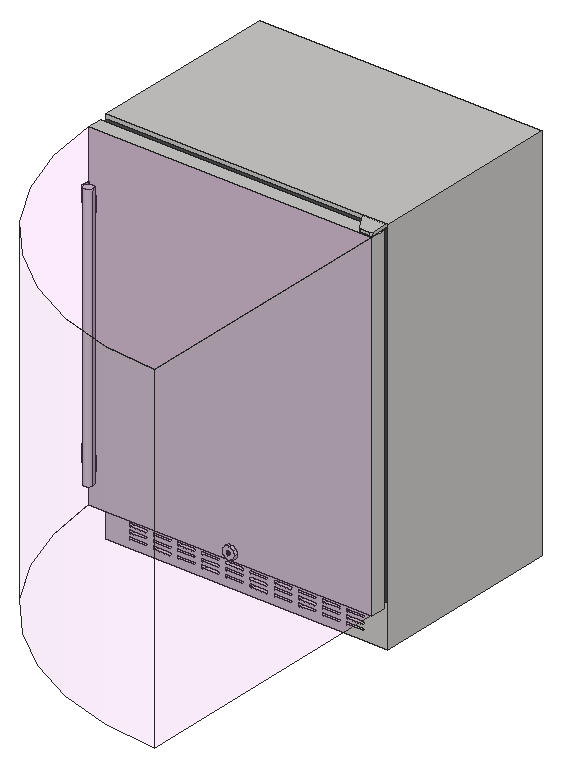
Revit family "Qf_Summit_SPR618OSADA_24 inches Wide Outdoor All-Refrigerator_ADA Compliant", category Specialty Equipment, Revit 2020
Family settings
  Round Connector Dimension = Use Diameter
  Part Type = Normal
  Work Plane-Based = No
  Always vertical = Yes
  Cut with Voids When Loaded = No
  Shared = No
  Room Calculation Point = No
Parameters
  Weight in Pounds = 79
  Watts = 0 W
  Volts = 115 V
  URL Cutsheet = ""
  Specification by User = ""
  Specification by Manufacturer = ""
  Show Clearance [instance] = yes
  Serial Number = ""
  Seismic Rating = ""
  SMACNA No = ""
  Revision Code = ""
  Refrigerant Volume = 0.00 kip
  Refrigerant Type = "R600a"
  Phase = 1
  Number of Poles = 1
  NAFEM Spec ID Number = ""
  Model = "SPR618OSADA"
  Min Ckt Ampacity = 0 A
  Max Overcurrent Protection = 0 A
  Masterspec = ""
  Manufacturer = "Summit"
  Length = 23 3/8"
  Item Number = ""
  Installed By = ""
  Identify Quantity as Lot = yes
  Height = 32"
  HP = ""
  Furnished By = ""
  Foodservice Equipment Identifier = yes
  FL Amps = 1 A
  Electrical Remarks = ""
  Electric Connection Type = ""
  Elec Conn RI Height = 0"
  Elec Conn Connection Height = 0"
  Description = "24\" Wide Outdoor All-Refrigerator, ADA Compliant"
  Depth = 17 5/8"
  Default Elevation = 0"
  Cycle = 60 Hz
  Conn Plug = ""
  Conn Conduit = yes
  CSI MasterFormat = ""
  Apparent Power = if(Phase = 3, Volts * FL Amps * 1.73, Volts * FL Amps)  # 115 VA
Reference planes (in)
  plane 1: z = 0
  plane 2 "LEFT": x = 0
  plane 3 "RIGHT": x = 23.375
  plane 4 "FRONT": y = -18.375
  plane 5 "TOP": z = 32
  plane 6 "Center Y": x = 11.6875
  plane 7 "Center X": y = -9.5625
  plane 8 "BACK": y = -0.75
  plane 9: y = -20.375
  plane 10: y = -17.125
  plane 11: y = -16.625
  plane 12: y = -40.75
  plane 13: z = 0.5
  plane 14: z = 3.75
  plane 15: z = 31.8125
Forms (in)
  Extrusion 1, solid, material "QF_Metal_Stainless_Polished"
    sketch origin (0, 0, 0) x (1, 0, 0) y (0, 1, 0)
      loop
        line (0, -0.75) -> (0, -16.625) -> (23.375, -16.625) -> (23.375, -0.75) -> (0, -0.75)
    from 0.5 to 32
  Extrusion 2, solid, material "QF_Plastic - Black - Matte"
    sketch origin (0, 0, 0) x (1, 0, 0) y (0, 1, 0)
      loop
        line (0.125, -16.625) -> (0.125, -17.125) -> (23.25, -17.125) -> (23.25, -16.625) -> (0.125, -16.625)
    from 3.98918 to 31.69812
  Extrusion 3, solid, material "QF_Metal_Stainless_Polished"
    sketch origin (0, 0, 0) x (1, 0, 0) y (0, 1, 0)
      loop
        line (0, -17.125) -> (0, -18.375) -> (23.375, -18.375) -> (23.375, -17.125) -> (0, -17.125)
    from 3.75 to 31.8125
  Extrusion 4, solid, material "QF_Metal_Stainless_Polished"
    sketch origin (0, 0, 0) x (1, 0, 0) y (0, 1, 0)
      loop
        line (1.5, -19.72049) -> (1.5, -19.56699)
        arc (1.5, -19.56699) -> (1.37941, -19.51704) -> (1.25, -19.5) r 0.5
        arc (1.25, -19.5) -> (1.12181, -19.51671) -> (1.00219, -19.56573) r 0.5
        arc (1.00219, -19.56573) -> (0.94801, -19.57877) -> (0.89527, -19.56079) r 0.1
        line (0.89527, -19.56079) -> (0.04264, -18.96378)
        arc (0.04264, -18.96378) -> (0.0113, -18.92804) -> (0, -18.88186) r 0.1
        line (0, -18.88186) -> (0, -17.88186) -> (-0.125, -17.88186) -> (-0.125, -18.94693)
        arc (-0.125, -18.94693) -> (-0.1137, -18.99311) -> (-0.08236, -19.02885) r 0.1
        line (-0.08236, -19.02885) -> (0.96185, -19.76001)
        arc (0.96185, -19.76001) -> (1.22254, -19.62601) -> (1.5, -19.72049) r 0.375
    from 7.25 to 8.5
  Extrusion 5, solid, material "QF_Metal_Stainless_Polished"
    sketch origin (0, 0, 0) x (1, 0, 0) y (0, 1, 0)
      loop
        circle (1.25, -20) r 0.375
    from 6.5 to 28.5
  Extrusion 6, solid, material "QF_Clearances_Door_Drawer"
    sketch origin (0, 0, 0) x (1, 0, 0) y (0, 1, 0)
      loop
        arc (0, -18.375) -> (7.19012, -34.26087) -> (23.375, -40.74999) r 23.375
        line (23.375, -40.74999) -> (23.375, -18.375) -> (0, -18.375)
    from 3.75 to 31.8125
  Extrusion 7, solid, material "QF_Metal_Stainless_Polished"
    sketch origin (0, 0, 0) x (1, 0, 0) y (0, 1, 0)
      loop
        arc (23.125, -18.1875) -> (23.21339, -18.15089) -> (23.25, -18.0625) r 0.125
        line (23.25, -18.0625) -> (23.25, -16.625) -> (21.25, -16.625) -> (22.21339, -18.12801)
        arc (22.21339, -18.12801) -> (22.25887, -18.17162) -> (22.31985, -18.1875) r 0.125
        line (22.31985, -18.1875) -> (23.125, -18.1875)
    from 31.8125 to 32
  Extrusion 8, solid, material "QF_Metal_Stainless_Polished"
    sketch origin (0, 0, 18.403) x (1, 0, 0) y (0, 1, 0)
      loop
        line (1.5, -19.72049) -> (1.5, -19.56699)
        arc (1.5, -19.56699) -> (1.37941, -19.51704) -> (1.25, -19.5) r 0.5
        arc (1.25, -19.5) -> (1.12181, -19.51671) -> (1.00219, -19.56573) r 0.5
        arc (1.00219, -19.56573) -> (0.94801, -19.57877) -> (0.89527, -19.56079) r 0.1
        line (0.89527, -19.56079) -> (0.04264, -18.96378)
        arc (0.04264, -18.96378) -> (0.0113, -18.92804) -> (0, -18.88186) r 0.1
        line (0, -18.88186) -> (0, -17.88186) -> (-0.125, -17.88186) -> (-0.125, -18.94693)
        arc (-0.125, -18.94693) -> (-0.1137, -18.99311) -> (-0.08236, -19.02885) r 0.1
        line (-0.08236, -19.02885) -> (0.96185, -19.76001)
        arc (0.96185, -19.76001) -> (1.22254, -19.62601) -> (1.5, -19.72049) r 0.375
    from 8.097 to 9.347
  Revolve 9, solid
    sketch origin (0, -15.375, 0) x (1, 0, 0) y (0, 0, 1)
      loop
        line (1.625, 0.375) -> (1.625, 0.5) -> (1.4375, 0.5) -> (1.4375, 0) -> (1.9375, 0) -> (2.02083, 0.3125) -> (2.02083, 0.375) -> (1.625, 0.375)
      axis (1.4375, 0) -> (1.4375, 0.5)
    angle from 0 to 360
  Revolve 10, solid
    sketch origin (23.375, -15.375, 0) x (-1, 0, 0) y (0, 0, 1)
      loop
        line (1.625, 0.375) -> (1.625, 0.5) -> (1.4375, 0.5) -> (1.4375, 0) -> (1.9375, 0) -> (2.02083, 0.3125) -> (2.02083, 0.375) -> (1.625, 0.375)
      axis (1.4375, 0) -> (1.4375, 0.5)
    angle from 0 to 360
  Revolve 11, solid
    sketch origin (0, -2.125, 0) x (1, 0, 0) y (0, 0, -1)
      loop
        line (1.625, -0.375) -> (2.02083, -0.375) -> (2.02083, -0.3125) -> (1.9375, 0) -> (1.4375, 0) -> (1.4375, -0.5) -> (1.625, -0.5) -> (1.625, -0.375)
      axis (1.4375, 0) -> (1.4375, -0.5)
    angle from 0 to 360
  Revolve 12, solid
    sketch origin (23.375, -2.125, 0) x (-1, 0, 0) y (0, 0, 1)
      loop
        line (1.625, 0.375) -> (1.625, 0.5) -> (1.4375, 0.5) -> (1.4375, 0) -> (1.9375, 0) -> (2.02083, 0.3125) -> (2.02083, 0.375) -> (1.625, 0.375)
      axis (1.4375, 0) -> (1.4375, 0.5)
    angle from 0 to 360
  Extrusion 13, void
    sketch origin (23.375, -16.625, 0) x (1, 0, 0) y (0, 0, -1)
      loop
        line (-21.3125, -3.375) -> (-20.0625, -3.375)
        arc (-20.0625, -3.375) -> (-19.9375, -3.25) -> (-20.0625, -3.125) r 0.125
        line (-20.0625, -3.125) -> (-21.3125, -3.125)
        arc (-21.3125, -3.125) -> (-21.4375, -3.25) -> (-21.3125, -3.375) r 0.125
      loop
        line (-21.3125, -2.875) -> (-20.0625, -2.875)
        arc (-20.0625, -2.875) -> (-19.9375, -2.75) -> (-20.0625, -2.625) r 0.125
        line (-20.0625, -2.625) -> (-21.3125, -2.625)
        arc (-21.3125, -2.625) -> (-21.4375, -2.75) -> (-21.3125, -2.875) r 0.125
      loop
        line (-21.3125, -2.375) -> (-20.0625, -2.375)
        arc (-20.0625, -2.375) -> (-19.9375, -2.25) -> (-20.0625, -2.125) r 0.125
        line (-20.0625, -2.125) -> (-21.3125, -2.125)
        arc (-21.3125, -2.125) -> (-21.4375, -2.25) -> (-21.3125, -2.375) r 0.125
      loop
        line (-21.3125, -1.875) -> (-20.0625, -1.875)
        arc (-20.0625, -1.875) -> (-19.9375, -1.75) -> (-20.0625, -1.625) r 0.125
        line (-20.0625, -1.625) -> (-21.3125, -1.625)
        arc (-21.3125, -1.625) -> (-21.4375, -1.75) -> (-21.3125, -1.875) r 0.125
      loop
        line (-21.3125, -1.375) -> (-20.0625, -1.375)
        arc (-20.0625, -1.375) -> (-19.9375, -1.25) -> (-20.0625, -1.125) r 0.125
        line (-20.0625, -1.125) -> (-21.3125, -1.125)
        arc (-21.3125, -1.125) -> (-21.4375, -1.25) -> (-21.3125, -1.375) r 0.125
      loop
        line (-19.3125, -3.375) -> (-18.0625, -3.375)
        arc (-18.0625, -3.375) -> (-17.9375, -3.25) -> (-18.0625, -3.125) r 0.125
        line (-18.0625, -3.125) -> (-19.3125, -3.125)
        arc (-19.3125, -3.125) -> (-19.4375, -3.25) -> (-19.3125, -3.375) r 0.125
      loop
        line (-19.3125, -2.875) -> (-18.0625, -2.875)
        arc (-18.0625, -2.875) -> (-17.9375, -2.75) -> (-18.0625, -2.625) r 0.125
        line (-18.0625, -2.625) -> (-19.3125, -2.625)
        arc (-19.3125, -2.625) -> (-19.4375, -2.75) -> (-19.3125, -2.875) r 0.125
      loop
        line (-19.3125, -2.375) -> (-18.0625, -2.375)
        arc (-18.0625, -2.375) -> (-17.9375, -2.25) -> (-18.0625, -2.125) r 0.125
        line (-18.0625, -2.125) -> (-19.3125, -2.125)
        arc (-19.3125, -2.125) -> (-19.4375, -2.25) -> (-19.3125, -2.375) r 0.125
      loop
        line (-19.3125, -1.875) -> (-18.0625, -1.875)
        arc (-18.0625, -1.875) -> (-17.9375, -1.75) -> (-18.0625, -1.625) r 0.125
        line (-18.0625, -1.625) -> (-19.3125, -1.625)
        arc (-19.3125, -1.625) -> (-19.4375, -1.75) -> (-19.3125, -1.875) r 0.125
      loop
        line (-19.3125, -1.375) -> (-18.0625, -1.375)
        arc (-18.0625, -1.375) -> (-17.9375, -1.25) -> (-18.0625, -1.125) r 0.125
        line (-18.0625, -1.125) -> (-19.3125, -1.125)
        arc (-19.3125, -1.125) -> (-19.4375, -1.25) -> (-19.3125, -1.375) r 0.125
      loop
        line (-17.3125, -3.375) -> (-16.0625, -3.375)
        arc (-16.0625, -3.375) -> (-15.9375, -3.25) -> (-16.0625, -3.125) r 0.125
        line (-16.0625, -3.125) -> (-17.3125, -3.125)
        arc (-17.3125, -3.125) -> (-17.4375, -3.25) -> (-17.3125, -3.375) r 0.125
      loop
        line (-17.3125, -2.875) -> (-16.0625, -2.875)
        arc (-16.0625, -2.875) -> (-15.9375, -2.75) -> (-16.0625, -2.625) r 0.125
        line (-16.0625, -2.625) -> (-17.3125, -2.625)
        arc (-17.3125, -2.625) -> (-17.4375, -2.75) -> (-17.3125, -2.875) r 0.125
      loop
        line (-17.3125, -2.375) -> (-16.0625, -2.375)
        arc (-16.0625, -2.375) -> (-15.9375, -2.25) -> (-16.0625, -2.125) r 0.125
        line (-16.0625, -2.125) -> (-17.3125, -2.125)
        arc (-17.3125, -2.125) -> (-17.4375, -2.25) -> (-17.3125, -2.375) r 0.125
      loop
        line (-17.3125, -1.875) -> (-16.0625, -1.875)
        arc (-16.0625, -1.875) -> (-15.9375, -1.75) -> (-16.0625, -1.625) r 0.125
        line (-16.0625, -1.625) -> (-17.3125, -1.625)
        arc (-17.3125, -1.625) -> (-17.4375, -1.75) -> (-17.3125, -1.875) r 0.125
      loop
        line (-17.3125, -1.375) -> (-16.0625, -1.375)
        arc (-16.0625, -1.375) -> (-15.9375, -1.25) -> (-16.0625, -1.125) r 0.125
        line (-16.0625, -1.125) -> (-17.3125, -1.125)
        arc (-17.3125, -1.125) -> (-17.4375, -1.25) -> (-17.3125, -1.375) r 0.125
      loop
        line (-15.3125, -3.375) -> (-14.0625, -3.375)
        arc (-14.0625, -3.375) -> (-13.9375, -3.25) -> (-14.0625, -3.125) r 0.125
        line (-14.0625, -3.125) -> (-15.3125, -3.125)
        arc (-15.3125, -3.125) -> (-15.4375, -3.25) -> (-15.3125, -3.375) r 0.125
      loop
        line (-15.3125, -2.875) -> (-14.0625, -2.875)
        arc (-14.0625, -2.875) -> (-13.9375, -2.75) -> (-14.0625, -2.625) r 0.125
        line (-14.0625, -2.625) -> (-15.3125, -2.625)
        arc (-15.3125, -2.625) -> (-15.4375, -2.75) -> (-15.3125, -2.875) r 0.125
      loop
        line (-15.3125, -2.375) -> (-14.0625, -2.375)
        arc (-14.0625, -2.375) -> (-13.9375, -2.25) -> (-14.0625, -2.125) r 0.125
        line (-14.0625, -2.125) -> (-15.3125, -2.125)
        arc (-15.3125, -2.125) -> (-15.4375, -2.25) -> (-15.3125, -2.375) r 0.125
      loop
        line (-15.3125, -1.875) -> (-14.0625, -1.875)
        arc (-14.0625, -1.875) -> (-13.9375, -1.75) -> (-14.0625, -1.625) r 0.125
        line (-14.0625, -1.625) -> (-15.3125, -1.625)
        arc (-15.3125, -1.625) -> (-15.4375, -1.75) -> (-15.3125, -1.875) r 0.125
      loop
        line (-15.3125, -1.375) -> (-14.0625, -1.375)
        arc (-14.0625, -1.375) -> (-13.9375, -1.25) -> (-14.0625, -1.125) r 0.125
        line (-14.0625, -1.125) -> (-15.3125, -1.125)
        arc (-15.3125, -1.125) -> (-15.4375, -1.25) -> (-15.3125, -1.375) r 0.125
      loop
        line (-13.3125, -3.375) -> (-12.0625, -3.375)
        arc (-12.0625, -3.375) -> (-11.9375, -3.25) -> (-12.0625, -3.125) r 0.125
        line (-12.0625, -3.125) -> (-13.3125, -3.125)
        arc (-13.3125, -3.125) -> (-13.4375, -3.25) -> (-13.3125, -3.375) r 0.125
      loop
        line (-13.3125, -2.875) -> (-12.0625, -2.875)
        arc (-12.0625, -2.875) -> (-11.9375, -2.75) -> (-12.0625, -2.625) r 0.125
        line (-12.0625, -2.625) -> (-13.3125, -2.625)
        arc (-13.3125, -2.625) -> (-13.4375, -2.75) -> (-13.3125, -2.875) r 0.125
      loop
        line (-13.3125, -2.375) -> (-12.0625, -2.375)
        arc (-12.0625, -2.375) -> (-11.9375, -2.25) -> (-12.0625, -2.125) r 0.125
        line (-12.0625, -2.125) -> (-13.3125, -2.125)
        arc (-13.3125, -2.125) -> (-13.4375, -2.25) -> (-13.3125, -2.375) r 0.125
      loop
        line (-13.3125, -1.875) -> (-12.0625, -1.875)
        arc (-12.0625, -1.875) -> (-11.9375, -1.75) -> (-12.0625, -1.625) r 0.125
        line (-12.0625, -1.625) -> (-13.3125, -1.625)
        arc (-13.3125, -1.625) -> (-13.4375, -1.75) -> (-13.3125, -1.875) r 0.125
      loop
        line (-13.3125, -1.375) -> (-12.0625, -1.375)
        arc (-12.0625, -1.375) -> (-11.9375, -1.25) -> (-12.0625, -1.125) r 0.125
        line (-12.0625, -1.125) -> (-13.3125, -1.125)
        arc (-13.3125, -1.125) -> (-13.4375, -1.25) -> (-13.3125, -1.375) r 0.125
      loop
        line (-11.3125, -3.375) -> (-10.0625, -3.375)
        arc (-10.0625, -3.375) -> (-9.9375, -3.25) -> (-10.0625, -3.125) r 0.125
        line (-10.0625, -3.125) -> (-11.3125, -3.125)
        arc (-11.3125, -3.125) -> (-11.4375, -3.25) -> (-11.3125, -3.375) r 0.125
      loop
        line (-11.3125, -2.875) -> (-10.0625, -2.875)
        arc (-10.0625, -2.875) -> (-9.9375, -2.75) -> (-10.0625, -2.625) r 0.125
        line (-10.0625, -2.625) -> (-11.3125, -2.625)
        arc (-11.3125, -2.625) -> (-11.4375, -2.75) -> (-11.3125, -2.875) r 0.125
      loop
        line (-11.3125, -2.375) -> (-10.0625, -2.375)
        arc (-10.0625, -2.375) -> (-9.9375, -2.25) -> (-10.0625, -2.125) r 0.125
        line (-10.0625, -2.125) -> (-11.3125, -2.125)
        arc (-11.3125, -2.125) -> (-11.4375, -2.25) -> (-11.3125, -2.375) r 0.125
      loop
        line (-11.3125, -1.875) -> (-10.0625, -1.875)
        arc (-10.0625, -1.875) -> (-9.9375, -1.75) -> (-10.0625, -1.625) r 0.125
        line (-10.0625, -1.625) -> (-11.3125, -1.625)
        arc (-11.3125, -1.625) -> (-11.4375, -1.75) -> (-11.3125, -1.875) r 0.125
      loop
        line (-11.3125, -1.375) -> (-10.0625, -1.375)
        arc (-10.0625, -1.375) -> (-9.9375, -1.25) -> (-10.0625, -1.125) r 0.125
        line (-10.0625, -1.125) -> (-11.3125, -1.125)
        arc (-11.3125, -1.125) -> (-11.4375, -1.25) -> (-11.3125, -1.375) r 0.125
      loop
        line (-9.3125, -3.375) -> (-8.0625, -3.375)
        arc (-8.0625, -3.375) -> (-7.9375, -3.25) -> (-8.0625, -3.125) r 0.125
        line (-8.0625, -3.125) -> (-9.3125, -3.125)
        arc (-9.3125, -3.125) -> (-9.4375, -3.25) -> (-9.3125, -3.375) r 0.125
      loop
        line (-9.3125, -2.875) -> (-8.0625, -2.875)
        arc (-8.0625, -2.875) -> (-7.9375, -2.75) -> (-8.0625, -2.625) r 0.125
        line (-8.0625, -2.625) -> (-9.3125, -2.625)
        arc (-9.3125, -2.625) -> (-9.4375, -2.75) -> (-9.3125, -2.875) r 0.125
      loop
        line (-9.3125, -2.375) -> (-8.0625, -2.375)
        arc (-8.0625, -2.375) -> (-7.9375, -2.25) -> (-8.0625, -2.125) r 0.125
        line (-8.0625, -2.125) -> (-9.3125, -2.125)
        arc (-9.3125, -2.125) -> (-9.4375, -2.25) -> (-9.3125, -2.375) r 0.125
      loop
        line (-9.3125, -1.875) -> (-8.0625, -1.875)
        arc (-8.0625, -1.875) -> (-7.9375, -1.75) -> (-8.0625, -1.625) r 0.125
        line (-8.0625, -1.625) -> (-9.3125, -1.625)
        arc (-9.3125, -1.625) -> (-9.4375, -1.75) -> (-9.3125, -1.875) r 0.125
      loop
        line (-9.3125, -1.375) -> (-8.0625, -1.375)
        arc (-8.0625, -1.375) -> (-7.9375, -1.25) -> (-8.0625, -1.125) r 0.125
        line (-8.0625, -1.125) -> (-9.3125, -1.125)
        arc (-9.3125, -1.125) -> (-9.4375, -1.25) -> (-9.3125, -1.375) r 0.125
      loop
        line (-7.3125, -3.375) -> (-6.0625, -3.375)
        arc (-6.0625, -3.375) -> (-5.9375, -3.25) -> (-6.0625, -3.125) r 0.125
        line (-6.0625, -3.125) -> (-7.3125, -3.125)
        arc (-7.3125, -3.125) -> (-7.4375, -3.25) -> (-7.3125, -3.375) r 0.125
      loop
        line (-7.3125, -2.875) -> (-6.0625, -2.875)
        arc (-6.0625, -2.875) -> (-5.9375, -2.75) -> (-6.0625, -2.625) r 0.125
        line (-6.0625, -2.625) -> (-7.3125, -2.625)
        arc (-7.3125, -2.625) -> (-7.4375, -2.75) -> (-7.3125, -2.875) r 0.125
      loop
        line (-7.3125, -2.375) -> (-6.0625, -2.375)
        arc (-6.0625, -2.375) -> (-5.9375, -2.25) -> (-6.0625, -2.125) r 0.125
        line (-6.0625, -2.125) -> (-7.3125, -2.125)
        arc (-7.3125, -2.125) -> (-7.4375, -2.25) -> (-7.3125, -2.375) r 0.125
      loop
        line (-7.3125, -1.875) -> (-6.0625, -1.875)
        arc (-6.0625, -1.875) -> (-5.9375, -1.75) -> (-6.0625, -1.625) r 0.125
        line (-6.0625, -1.625) -> (-7.3125, -1.625)
        arc (-7.3125, -1.625) -> (-7.4375, -1.75) -> (-7.3125, -1.875) r 0.125
      loop
        line (-7.3125, -1.375) -> (-6.0625, -1.375)
        arc (-6.0625, -1.375) -> (-5.9375, -1.25) -> (-6.0625, -1.125) r 0.125
        line (-6.0625, -1.125) -> (-7.3125, -1.125)
        arc (-7.3125, -1.125) -> (-7.4375, -1.25) -> (-7.3125, -1.375) r 0.125
      loop
        line (-5.3125, -3.375) -> (-4.0625, -3.375)
        arc (-4.0625, -3.375) -> (-3.9375, -3.25) -> (-4.0625, -3.125) r 0.125
        line (-4.0625, -3.125) -> (-5.3125, -3.125)
        arc (-5.3125, -3.125) -> (-5.4375, -3.25) -> (-5.3125, -3.375) r 0.125
      loop
        line (-5.3125, -2.875) -> (-4.0625, -2.875)
        arc (-4.0625, -2.875) -> (-3.9375, -2.75) -> (-4.0625, -2.625) r 0.125
        line (-4.0625, -2.625) -> (-5.3125, -2.625)
        arc (-5.3125, -2.625) -> (-5.4375, -2.75) -> (-5.3125, -2.875) r 0.125
      loop
        line (-5.3125, -2.375) -> (-4.0625, -2.375)
        arc (-4.0625, -2.375) -> (-3.9375, -2.25) -> (-4.0625, -2.125) r 0.125
        line (-4.0625, -2.125) -> (-5.3125, -2.125)
        arc (-5.3125, -2.125) -> (-5.4375, -2.25) -> (-5.3125, -2.375) r 0.125
      loop
        line (-5.3125, -1.875) -> (-4.0625, -1.875)
        arc (-4.0625, -1.875) -> (-3.9375, -1.75) -> (-4.0625, -1.625) r 0.125
        line (-4.0625, -1.625) -> (-5.3125, -1.625)
        arc (-5.3125, -1.625) -> (-5.4375, -1.75) -> (-5.3125, -1.875) r 0.125
      loop
        line (-5.3125, -1.375) -> (-4.0625, -1.375)
        arc (-4.0625, -1.375) -> (-3.9375, -1.25) -> (-4.0625, -1.125) r 0.125
        line (-4.0625, -1.125) -> (-5.3125, -1.125)
        arc (-5.3125, -1.125) -> (-5.4375, -1.25) -> (-5.3125, -1.375) r 0.125
      loop
        line (-3.3125, -3.375) -> (-2.0625, -3.375)
        arc (-2.0625, -3.375) -> (-1.9375, -3.25) -> (-2.0625, -3.125) r 0.125
        line (-2.0625, -3.125) -> (-3.3125, -3.125)
        arc (-3.3125, -3.125) -> (-3.4375, -3.25) -> (-3.3125, -3.375) r 0.125
      loop
        line (-3.3125, -2.875) -> (-2.0625, -2.875)
        arc (-2.0625, -2.875) -> (-1.9375, -2.75) -> (-2.0625, -2.625) r 0.125
        line (-2.0625, -2.625) -> (-3.3125, -2.625)
        arc (-3.3125, -2.625) -> (-3.4375, -2.75) -> (-3.3125, -2.875) r 0.125
      loop
        line (-3.3125, -2.375) -> (-2.0625, -2.375)
        arc (-2.0625, -2.375) -> (-1.9375, -2.25) -> (-2.0625, -2.125) r 0.125
        line (-2.0625, -2.125) -> (-3.3125, -2.125)
        arc (-3.3125, -2.125) -> (-3.4375, -2.25) -> (-3.3125, -2.375) r 0.125
      loop
        line (-3.3125, -1.875) -> (-2.0625, -1.875)
        arc (-2.0625, -1.875) -> (-1.9375, -1.75) -> (-2.0625, -1.625) r 0.125
        line (-2.0625, -1.625) -> (-3.3125, -1.625)
        arc (-3.3125, -1.625) -> (-3.4375, -1.75) -> (-3.3125, -1.875) r 0.125
      loop
        line (-3.3125, -1.375) -> (-2.0625, -1.375)
        arc (-2.0625, -1.375) -> (-1.9375, -1.25) -> (-2.0625, -1.125) r 0.125
        line (-2.0625, -1.125) -> (-3.3125, -1.125)
        arc (-3.3125, -1.125) -> (-3.4375, -1.25) -> (-3.3125, -1.375) r 0.125
    from 0 to 0.50266
  Blend 14, solid, material "QF_Metal_Stainless_Polished"
    base sketch origin (0, -18.375, 0) x (1, 0, 0) y (0, 0, -1)
      loop
        circle (11.6875, -4.38646) r 0.5625
    top sketch origin (0, -18.375, 0) x (1, 0, 0) y (0, 0, -1)
      loop
        circle (11.6875, -4.38646) r 0.5
    from 0 to -0.17489
  Extrusion 15, void
    sketch origin (0, -18.54989, 0) x (-1, 0, 0) y (0, 0, -1)
      loop
        circle (-11.6875, -4.38646) r 0.1875
      loop
        circle (-11.6875, -4.38646) r 0.0625
    from 0 to -0.17489
  Extrusion 16, solid, material "QF_Metal_Stainless_Polished"
    sketch origin (0, -0.75, 0) x (1, 0, 0) y (0, 0, 1)
      loop
        circle (20.5, 2.30244) r 0.25
    from 0 to -0.0625
Cuts and joins
  Extrusion 13, Extrusion 15 cuts Extrusion 1
  Extrusion 13, Extrusion 15 cuts Extrusion 4
  Extrusion 13, Extrusion 15 cuts Extrusion 5
  joined: Extrusion 1, Extrusion 4, Extrusion 5, Extrusion 16
  Extrusion 15 cuts Extrusion 2
  Extrusion 15 cuts Extrusion 3
  Extrusion 15 cuts Extrusion 6
  Extrusion 15 cuts Blend 14
Lines and regions (in)
  symbolic lines, style "QF_Clearances_Door_Drawer"
    curve 1: arc (0, -18.375, 0) -> (1.03615, -24.32641, 0) -> (3.56286, -29.81354, 0) r 23.375
    curve 2: line (3.56286, -29.81354, 0) -> (23.375, -18.375, 0)
  symbolic lines
    curve 3: line (0, -0.75, 0) -> (0, -16.625, 0)
    curve 4: line (0, -16.625, 0) -> (23.375, -16.625, 0)
    curve 5: line (23.375, -16.625, 0) -> (23.375, -0.75, 0)
    curve 6: line (23.375, -0.75, 0) -> (0, -0.75, 0)
    curve 7: line (23.375, -17.125, 0) -> (23.25, -17.125, 0)
    curve 8: line (0, -17.125, 0) -> (0, -18.375, 0)
    curve 9: line (0, -18.375, 0) -> (23.375, -18.375, 0)
    curve 10: line (23.375, -18.375, 0) -> (23.375, -17.125, 0)
    curve 11: line (21.25, -16.625, 0) -> (22.21339, -18.12801, 0)
    curve 12: arc (22.21339, -18.12801, 0) -> (22.25887, -18.17162, 0) -> (22.31985, -18.1875, 0) r 0.125
    curve 13: line (22.31985, -18.1875, 0) -> (23.125, -18.1875, 0)
    curve 14: arc (23.125, -18.1875, 0) -> (23.21339, -18.15089, 0) -> (23.25, -18.0625, 0) r 0.125
    curve 15: line (23.25, -18.0625, 0) -> (23.25, -16.625, 0)
    curve 16: line (23.25, -16.625, 0) -> (21.25, -16.625, 0)
    curve 17: line (0.125, -16.625, 0) -> (0.125, -17.125, 0)
    curve 18: line (21.57049, -17.125, 0) -> (0, -17.125, 0)
Dimensions and locks (in)
  equal spacing: plane 2 "LEFT", plane 6 "Center Y", plane 3 "RIGHT"
  "Length": plane 2 "LEFT" to plane 3 "RIGHT"
  equal spacing: plane 4 "FRONT", plane 7 "Center X", plane 8 "BACK"
  "Height": plane 5 "TOP" to level
  plane 3 "RIGHT" to plane 2 "LEFT" = 23 3/8"
  plane 5 "TOP" to level = 32"
  "Depth": plane 4 "FRONT" to plane 8 "BACK"
  plane 11 to plane 8 "BACK" = 15 7/8"
  plane 4 "FRONT" to plane 10 = 1 1/4"
  plane 9 to plane 4 "FRONT" = 2"
  plane 8 "BACK" to plane 12 = 40"
  aligned and locked: level to plane 1
  aligned and locked: plane 5 "TOP" to Extrusion 7
  aligned and locked: plane 15 to Extrusion 7
  aligned and locked: Extrusion 3 to plane 15
  aligned and locked: plane 14 to Extrusion 3
  aligned and locked: plane 14 to Extrusion 6
  aligned and locked: Extrusion 6 to plane 15
  aligned and locked: plane 5 "TOP" to Extrusion 1
  aligned and locked: plane 13 to Extrusion 1
  aligned and locked: Extrusion 15 to plane 4 "FRONT"
Automatic sketch dimensions
  Extrusion 1 sketch curve to plane 2 "LEFT" = 0"
  Extrusion 1 sketch curve to plane 3 "RIGHT" = 0"
  plane 11 to Extrusion 1 sketch curve = 0"
  plane 8 "BACK" to Extrusion 1 sketch curve = 0"
  plane 10 to Extrusion 2 sketch curve = 0"
  plane 11 to Extrusion 2 sketch curve = 0"
  plane 2 "LEFT" to Extrusion 2 sketch curve = 1/8"
  plane 3 "RIGHT" to Extrusion 2 sketch curve = 1/8"
  Extrusion 3 sketch curve to plane 2 "LEFT" = 0"
  Extrusion 3 sketch curve to plane 3 "RIGHT" = 0"
  plane 4 "FRONT" to Extrusion 3 sketch curve = 0"
  plane 10 to Extrusion 3 sketch curve = 0"
  Extrusion 4 sketch curve to Extrusion 4 sketch curve = 0"  (x6)
  Extrusion 4 sketch curve to plane 2 "LEFT" = 0"
  Extrusion 4 sketch curve to plane 2 "LEFT" = 0.025"
  Extrusion 4 sketch curve to plane 2 "LEFT" = 0.08236"
  Extrusion 4 sketch curve to plane 2 "LEFT" = 1/8"
  plane 2 "LEFT" to Extrusion 4 sketch curve = 0.04264"
  Extrusion 4 sketch curve to Extrusion 4 sketch curve = 0.05736"  (x2)
  plane 2 "LEFT" to Extrusion 4 sketch curve = 0.89527"
  Extrusion 4 sketch curve to Extrusion 4 sketch curve = 0.06658"
  Extrusion 4 sketch curve to Extrusion 4 sketch curve = 0.28815"
  Extrusion 4 sketch curve to Extrusion 4 sketch curve = 1/4"
  Extrusion 4 sketch curve to plane 9 = 3/8"
  Extrusion 4 sketch curve to Extrusion 4 sketch curve = 0.23999"
  Extrusion 4 sketch curve to Extrusion 4 sketch curve = 0.1535"
  Extrusion 4 sketch curve to Extrusion 4 sketch curve = 51/256"
  Extrusion 4 sketch curve to Extrusion 4 sketch curve = 0.08192"
  plane 4 "FRONT" to Extrusion 4 sketch curve = 0.65385"
  Extrusion 4 sketch curve to Extrusion 4 sketch curve = 0.01684"
  Extrusion 4 sketch curve to plane 4 "FRONT" = 0.49314"
  Extrusion 6 sketch curve to plane 2 "LEFT" = 0"
  Extrusion 6 sketch curve to plane 3 "RIGHT" = 0"
  plane 4 "FRONT" to Extrusion 6 sketch curve = 0"
  plane 3 "RIGHT" to Extrusion 6 sketch curve = 0.0214"
  plane 12 to Extrusion 6 sketch curve = 0"
  plane 11 to Extrusion 7 sketch curve = 0"
  plane 3 "RIGHT" to Extrusion 7 sketch curve = 2 1/8"
  Extrusion 7 sketch curve to plane 4 "FRONT" = 0.24699"
  plane 3 "RIGHT" to Extrusion 7 sketch curve = 1.16161"
  Extrusion 7 sketch curve to Extrusion 7 sketch curve = 0.10646"
  plane 3 "RIGHT" to Extrusion 7 sketch curve = 1/4"
  plane 3 "RIGHT" to Extrusion 7 sketch curve = 1/8"
  Extrusion 7 sketch curve to Extrusion 7 sketch curve = 0.05949"
  Extrusion 8 sketch curve to Extrusion 8 sketch curve = 0"  (x6)
  Extrusion 8 sketch curve to plane 2 "LEFT" = 0"
  Extrusion 8 sketch curve to plane 2 "LEFT" = 0.025"
  Extrusion 8 sketch curve to plane 2 "LEFT" = 0.08236"
  Extrusion 8 sketch curve to plane 2 "LEFT" = 1/8"
  plane 2 "LEFT" to Extrusion 8 sketch curve = 0.04264"
  Extrusion 8 sketch curve to Extrusion 8 sketch curve = 0.05736"  (x2)
  plane 2 "LEFT" to Extrusion 8 sketch curve = 0.89527"
  Extrusion 8 sketch curve to Extrusion 8 sketch curve = 0.06658"
  Extrusion 8 sketch curve to Extrusion 8 sketch curve = 0.28815"
  Extrusion 8 sketch curve to Extrusion 8 sketch curve = 1/4"
  Extrusion 8 sketch curve to plane 9 = 3/8"
  Extrusion 8 sketch curve to Extrusion 8 sketch curve = 0.23999"
  Extrusion 8 sketch curve to Extrusion 8 sketch curve = 0.1535"
  Extrusion 8 sketch curve to Extrusion 8 sketch curve = 51/256"
  Extrusion 8 sketch curve to Extrusion 8 sketch curve = 0.08192"
  plane 4 "FRONT" to Extrusion 8 sketch curve = 0.65385"
  Extrusion 8 sketch curve to Extrusion 8 sketch curve = 0.01684"
  Extrusion 8 sketch curve to plane 4 "FRONT" = 0.49314"
  Revolve 9 sketch curve to plane 13 = 0"  (x2)
  Revolve 9 sketch curve to level = 0"
  plane 2 "LEFT" to Revolve 9 sketch curve = 1 7/16"
  Revolve 9 sketch curve to Revolve 9 sketch curve = 3/16"
  Revolve 9 sketch curve to Revolve 9 sketch curve = 5/16"
  plane 13 to Revolve 9 sketch curve = 1/8"
  Revolve 9 sketch curve to Revolve 9 sketch curve = 0.08333"
  Revolve 9 sketch curve to Revolve 9 sketch curve = 1/16"
  Revolve 9 sketch curve to Revolve 9 sketch curve = 0"
  Revolve 9 sketch curve to Revolve 9 sketch curve = 1/4"
  Revolve 10 sketch curve to plane 13 = 0"  (x2)
  Revolve 10 sketch curve to level = 0"
  Revolve 10 sketch curve to plane 3 "RIGHT" = 1 7/16"
  Revolve 10 sketch curve to Revolve 10 sketch curve = 3/16"
  Revolve 10 sketch curve to Revolve 10 sketch curve = 5/16"
  Revolve 10 sketch curve to plane 13 = 1/8"
  Revolve 10 sketch curve to Revolve 10 sketch curve = 0.08333"
  Revolve 10 sketch curve to Revolve 10 sketch curve = 1/16"
  Revolve 10 sketch curve to Revolve 10 sketch curve = 0"
  Revolve 10 sketch curve to Revolve 10 sketch curve = 1/4"
  Revolve 11 sketch curve to plane 13 = 0"  (x2)
  Revolve 11 sketch curve to level = 0"
  plane 2 "LEFT" to Revolve 11 sketch curve = 1 7/16"
  Revolve 11 sketch curve to Revolve 11 sketch curve = 3/16"
  Revolve 11 sketch curve to Revolve 11 sketch curve = 5/16"
  plane 13 to Revolve 11 sketch curve = 1/8"
  Revolve 11 sketch curve to Revolve 11 sketch curve = 0.08333"
  Revolve 11 sketch curve to Revolve 11 sketch curve = 1/16"
  Revolve 11 sketch curve to Revolve 11 sketch curve = 0"
  Revolve 11 sketch curve to Revolve 11 sketch curve = 1/4"
  Revolve 12 sketch curve to plane 13 = 0"  (x2)
  Revolve 12 sketch curve to level = 0"
  plane 3 "RIGHT" to Revolve 12 sketch curve = 1 7/16"
  Revolve 12 sketch curve to Revolve 12 sketch curve = 3/16"
  Revolve 12 sketch curve to Revolve 12 sketch curve = 5/16"
  plane 13 to Revolve 12 sketch curve = 1/8"
  Revolve 12 sketch curve to Revolve 12 sketch curve = 0.08333"
  Revolve 12 sketch curve to Revolve 12 sketch curve = 1/16"
  Revolve 12 sketch curve to Revolve 12 sketch curve = 0"
  Revolve 12 sketch curve to Revolve 12 sketch curve = 1/4"
  Extrusion 13 sketch curve to Extrusion 1 = 2 1/16"
  Extrusion 13 sketch curve to Extrusion 1 = 3/4"  (x2)
  Extrusion 13 sketch curve to Extrusion 13 sketch curve = 0"  (x76)
  Extrusion 13 sketch curve to Extrusion 13 sketch curve = 1 1/4"  (x10)
  Extrusion 13 sketch curve to Extrusion 13 sketch curve = 3/4"  (x18)
  Extrusion 13 sketch curve to Extrusion 1 = 7/8"  (x3)
  Extrusion 13 sketch curve to Extrusion 13 sketch curve = 1/8"  (x50)
  Extrusion 13 sketch curve to Extrusion 13 sketch curve = 1/4"  (x40)
  curve 8 to plane 2 "LEFT" = 0"
  curve 3 to plane 2 "LEFT" = 0"
  plane 11 to curve 17 = 0"
  plane 10 to curve 17 = 0"
  plane 11 to curve 16 = 0"
  plane 10 to curve 7 = 0"
  curve 10 to plane 3 "RIGHT" = 0"
  curve 6 to plane 3 "RIGHT" = 0"
  plane 4 "FRONT" to curve 1 = 0"
  plane 8 "BACK" to curve 6 = 0"
  plane 3 "RIGHT" to curve 16 = 2 1/8"
  curve 11 to plane 4 "FRONT" = 0.24699"
  plane 3 "RIGHT" to curve 11 = 1.16161"
  curve 12 to curve 12 = 0.10646"
  plane 3 "RIGHT" to curve 13 = 1/4"
  curve 14 to curve 15 = 1/8"
  plane 3 "RIGHT" to curve 1 = 0.0214"
  curve 13 to curve 11 = 0.05949"
  plane 10 to curve 1 = 1/4"
  plane 2 "LEFT" to curve 2 = 3.56286"
  plane 2 "LEFT" to curve 17 = 1/8"
  curve 11 to curve 18 = 0.32049"
  curve 7 to curve 7 = 1/8"
Connectors (in)
  electrical at (20.5, -0.6875, 2.30244), driven by "Volts", driven by "Apparent Power"
    settings: on cut or joined group of Extrusion 1, Extrusion 4, Extrusion 5, Extrusion 13, Extrusion 15, Extrusion 16, index 1, voltage 115 V, apparent load 115 VA, apparent load phase1 0 VA, apparent load phase2 0 VA, apparent load phase3 0 VA, power factor 1, load classification "Other", number of poles 1, system type 30, power factor state 1, is connector primary yes, connector utility no, sub classification motor no, connector description "Electrical Inlet"
